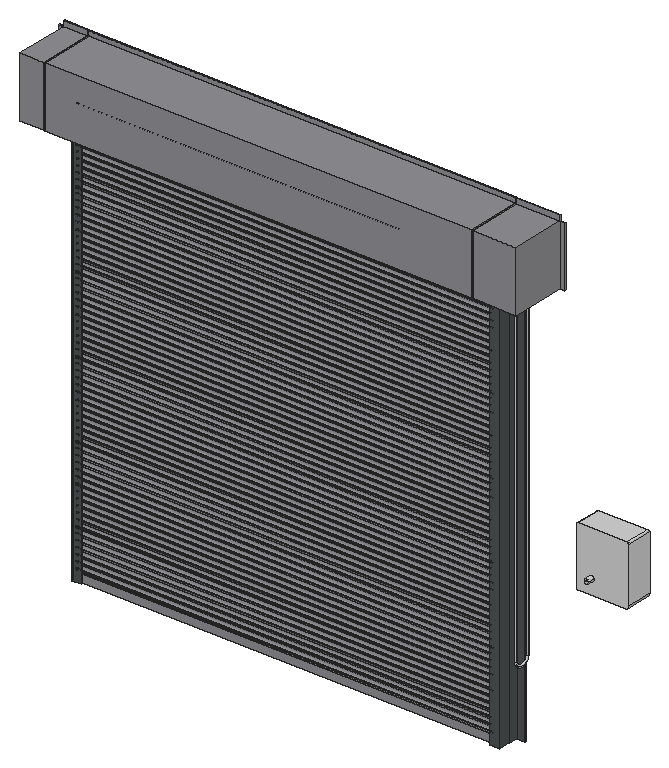
Revit family "RapidSlat-Rolling-Steel-Service-Doors_OHD_Model-611_compact", category Specialty Equipment, host Wall, Revit 2023
Family settings
  Host = Wall
  Round Connector Dimension = Use Diameter
  Part Type = Normal
  OmniClass Number = 23.30.10.21.34
  OmniClass Title = Industrial Doors
  Enable Cutting in Views = No
  Always vertical = Yes
  Cut with Voids When Loaded = Yes
  Maintain Annotation Orientation = No
  Shared = No
  Room Calculation Point = No
Parameters (values of type "208 volts, one phase, 60 Hz (208-240V range)")
  Warning Sign [instance] = if(Calculated Area > 683.00 SF, 1 = 1, 1 = 2)  # no
  Warning (Note) [instance] = if(Warning Sign, "The Door Area is out of the limit; please adjust accordingly. The maximum allowed area is 683 sq. ft.", if(Opening Height > 360", "Headroom Clearance Dimensions - out of the limits. Consult Factory", " "))  # " "
  Wall Thickness [instance] = 6"
  Voltage = 208 V
  Version = "1.00.01"  # constant formula
  True Opening Width [instance] = Clear Width  # 120"
  True Opening Height [instance] = Clear Height  # 120"
  Slat Type [instance] = if(Slat Option < 2, "C-187", if(Slat Option = 2, "C-275", "F-265"))  # "C-187"
  Slat Option [instance] = 1
  Slat Length [instance] = Clear Width + G Value * 2 - 1" / 2 * 2  # 126"
  Slat Height [instance] = if(Slat < 2, 11 9/32", if(Slat = 2, 13 3/4", 13 19/128"))  # 11 9/32"
  Slat [instance] = if(Slat Option < 2, 1, if(Slat Option = 2, 2, 3))  # 1
  Product Page URL = "https://www.overheaddoor.com/rolling-steel-service-doors-611"
  Power Factor = 1
  Powder Coat (Note) = "PowderGuard® Premium powder coat finish options are available in approximately 200 colors as well as custom matching to specification. PowderGuard® Textured finish, a thicker, more scratch resistant coat, is available in 11 colors providing enhanced scratch resistance as well as aiding in hiding the dirt and blemishes that often occur in commercial environments.​"  # constant formula
  Opening Width Real [instance] = if(Opening Width > Max Opening Width, Max Opening Width, if(Opening Width < Min Opening Width, Min Opening Width, Opening Width))  # 120"
  Opening Width [instance] = 120"
  Opening Height Real [instance] = if(Opening Height > Max Opening Height, Max Opening Height, if(Opening Height < Min Opening Height, Min Opening Height, Opening Height))  # 120"
  Opening Height [instance] = 120"
  One Array element [instance] = not(Array Vis)  # no
  Number of Poles = 1
  Motor Position [instance] = M Value - G Value  # 2 3/4"
  Min Opening Width [instance] = 18"  # constant formula
  Min Opening Height [instance] = 24"  # constant formula
  Max Opening Width [instance] = 360"  # constant formula
  Max Opening Height [instance] = 240"  # constant formula
  Material Finish (Note) [instance] = "Perforation availible for F-265, C-275 Slat profile. Fenestration 5/8\"x3\" availible for C-275, F-265 Slat profile. Fenestration 1\"x10\" availible for F-265 Slat profile."  # constant formula
  Material Finish [instance] = 611 : Standard - Gray
  M Value [instance] = if(or(Opening Width < 108", Opening Width = 108"), 5 3/4", if(or(Opening Width < 180", Opening Width = 180"), 6 1/4", if(or(Opening Width < 240", Opening Width = 240"), 7 1/4", 9 1/4")))  # 6 1/4"
  Installation Real [instance] = Wall Thickness  # 6"
  Hood Type [instance] = "Square Hood"  # constant formula
  Hood Offset [instance] = 4"  # constant formula
  Hood Material [instance] = Metal - Overhead Door - Gray
  Hood Height [instance] = A Value + 2"  # 18"
  Headroom Height Real [instance] = Hood Offset + Hood Height  # 22"
  Headroom Height [instance] = Headroom Height Real + 1 1/2"  # 23 1/2"
  HC 4 [instance] = if(or(Clear Height < 84", Clear Height = 84"), 16", if(or(Clear Height < 132", Clear Height = 132"), 18", if(or(Clear Height < 192", Clear Height = 192"), 20", 22")))  # 18"
  HC 3 [instance] = if(or(Clear Height < 108", Clear Height = 108"), 16", if(or(Clear Height < 168", Clear Height = 168"), 18", 20"))  # 18"
  HC 2 [instance] = if(or(Clear Height < 60", Clear Height = 60"), 14", if(or(Clear Height < 120", Clear Height = 120"), 16", if(or(Clear Height < 180", Clear Height = 180"), 18", 20")))  # 16"
  HC 1 [instance] = if(or(Clear Height < 96", Clear Height = 96"), 14", if(or(Clear Height < 168", Clear Height = 168"), 16", 18"))  # 16"
  Guide Type [instance] = "Angled Z Guide"  # constant formula
  Guid Depth [instance] = D Value  # 6 1/4"
  G Value [instance] = if(or(Opening Width < 108", Opening Width = 108"), 3", if(or(Opening Width < 180", Opening Width = 180"), 3 1/2", if(or(Opening Width < 240", Opening Width = 240"), 4", 5 9/16")))  # 3 1/2"
  Frequency = 60 Hz
  Face of Wall Offset [instance] = 5"  # constant formula
  Door Width True [instance] = Clear Width + M Value * 2  # 132 1/2"
  Door Width (Real) [instance] = Clear Width + 1"  # 121"
  Door Height True [instance] = Clear Width + Headroom Height  # 143 1/2"
  Door Height (Real) [instance] = Clear Height + Hood Offset  # 124"
  URL = "https://www.overheaddoor.com/"
  Product data url = "https://www.bimobject.com/overhead-door/product/rapidslat-rolling-steel-service-doors-611"
  Product Guid = "63723177-b6c9-4168-a314-69115e8add96"
  Model = "611"  # constant formula
  Manufacturer = "Overhead Door Corporation"  # constant formula
  Wall Closure = By host
  Floor To (CL) of Shaft [instance] = Clear Height + Hood Height / 2 + Hood Offset  # 133"
  Finish Material = Finish - Overhead Door - Black
  Description = "RapidSlat Model 611 Advanced Performance service door"  # constant formula
  Default Elevation = 0"
  Date Updated = "2026/05/29"  # constant formula
  D Value [instance] = if(or(Opening Width < 108", Opening Width = 108"), 5 11/16", if(or(Opening Width < 180", Opening Width = 180"), 6 1/4", if(or(Opening Width < 240", Opening Width = 240"), 6 3/16", 7 1/16")))  # 6 1/4"
  Clear Width [instance] = Opening Width Real  # 120"
  Clear Height [instance] = Opening Height Real  # 120"
  Current = 20 A
  BimObject_Variable_Connectors = "No"  # constant formula
  Backroom Depth [instance] = A Value + 1/2"  # 16 1/2"
  BJ Displacement Real [instance] = 0"  # constant formula
  Array Vis [instance] = if(Array < 2, 1 = 2, 1 = 1)  # yes
  Array Real [instance] = if(Array < 2, 2, Array)  # 11
  Array Length [instance] = (Array) * Slat Height  # 124 3/32"
  Array [instance] = rounddown(([Door Height (Real)] - 3") / Slat Height) + 1  # 11
  Calculated Area [instance] = [Door Width (Real)] * [Door Height (Real)]  # 104.194 SF
  Apparent Load Phase 3 = if(Number of Poles = 1, 0 VA, (Voltage * Current * sqrt(3)) / 3)  # 0 VA
  Apparent Load Phase 2 = if(Number of Poles = 1, 0 VA, (Voltage * Current * sqrt(3)) / 3)  # 0 VA
  Apparent Load Phase 1 = if(Number of Poles = 1, Voltage * Current, (Voltage * Current * sqrt(3)) / 3)  # 4160 VA
  A Value [instance] = if(Slat = 1, HC 1, if(Slat = 2, HC 2, HC 3))  # 16"
Reference planes (in)
  plane 1 "Center (Front/Back)": y = -14.625
  plane 2 "Center (Left/Right)": x = 0
  plane 3 "Left": x = -60
  plane 4 "Right": x = 60
  plane 5 "Exterior": y = -8.625
  plane 6 "Interior": y = -14.625
  plane 7: x = 66.25
  plane 8: x = -66.25
  plane 9: z = 120
  plane 10 "Main": y = -20.23437
  plane 11 "Backroom Depth": y = -32.125
  plane 12 "Main Door Block": y = -15.625
  plane 13 "Bottom Bar": z = 2.75
  plane 14: y = -20.875
  plane 15: z = 126.84375
  plane 16: z = 142
  plane 17: z = 124
  plane 18: z = 143.5
  plane 19: z = 0
  plane 20: z = 60
  plane 21: y = -20.0625
  plane 22: y = 18.375
  plane 23: y = -41.625
  plane 24 "Double Main": y = -19.656
  plane 25 "Headroom Top": z = 143.5
  plane 26: z = 133
  plane 27: x = 63.5
  plane 28: x = -63.5
  plane 29: z = 115.5625
Forms (in)
  Extrusion 1, void
    sketch origin (0, -15.625, 0) x (0, 0, -1) y (-1, 0, 0)
      loop
        line (-120, 60) -> (-120, -60) -> (0, -60) -> (0, 60) -> (-120, 60)
    from 1 to 7
Text (in)
  text "Exterior" at (-74.96733, 27.31104, 0), in view "Ref. Level"
  text "Interior" at (-74.96733, -25.14366, 0), in view "Ref. Level"
  text "Exterior" at (0, 40.15149, 123.01588), in view "Right"
  text "Interior" at (0, -64.39139, 123.01588), in view "Right"
  text "Interior" at (0, -31.01599, 123.00693), in view "Left"
  text "Exterior" at (0, 54.57065, 123.00693), in view "Left"
Dimensions and locks (in)
  equal spacing: plane 3 "Left", plane 2 "Center (Left/Right)", plane 4 "Right"
  "Clear Width": plane 3 "Left" to plane 4 "Right"
  level to host wall = 459.59655"
  "Clear Height": level to plane 9
  plane 7 to plane 8 = 132 1/2"
  equal spacing: plane 7, plane 2 "Center (Left/Right)", plane 8
  locked: plane 13 "Bottom Bar" to level at 2.75
  "Door Width True": plane 7 to plane 8
  locked: plane 14 to plane 10 "Main" at 0.64063
  "Array Length": plane 15 to plane 13 "Bottom Bar"
  "Backroom Depth": plane 11 "Backroom Depth" to plane 12 "Main Door Block"
  "Hood Height": plane 16 to plane 17
  locked: plane 18 to plane 16 at 1.5
  "Installation Real": plane 1 "Center (Front/Back)" to plane 5 "Exterior"
  "Wall Thickness": host wall to host wall
  equal spacing: plane 9, plane 20, plane 19
  locked: plane 10 "Main" to plane 21 at 0.17187
  equal spacing: plane 22, host wall, plane 23
  locked: plane 22 to plane 23 at 60
  locked: plane 10 "Main" to plane 24 "Double Main" at 0.57837
  "Hood Offset": plane 17 to plane 9
  "Headroom Height": plane 25 "Headroom Top" to plane 9
  "Floor To (CL) of Shaft": plane 26 to level
  "Motor Position": plane 7 to plane 27
  "Motor Position": plane 28 to plane 8
  "Guid Depth": plane 14 to plane 1 "Center (Front/Back)"
  "Slat Height": plane 15 to plane 29
  equal spacing: group 2, group 11, group 10, group 9, group 8, group 7, group 6, group 5, group 4, group 3, group 1
  equal spacing: group 1, group 3, group 4, group 5, group 6, group 7, group 8, group 9, group 10, group 11, group 2  (x2)
  aligned and locked: plane 5 "Exterior" to host wall
  aligned and locked: host wall to plane 6 "Interior"
  aligned and locked: level to Extrusion 1 sketch curve
  aligned and locked: Extrusion 1 to plane 5 "Exterior"
  aligned and locked: plane 6 "Interior" to Extrusion 1
  aligned and locked: nested 1 to plane 2 "Center (Left/Right)"
  aligned and locked: nested 1 to level
  aligned and locked: level to plane 19
  aligned and locked: nested 1 to plane 1 "Center (Front/Back)"
  aligned and locked: plane 2 "Center (Left/Right)" to nested 2
  aligned and locked: nested 2 to plane 22
  aligned and locked: plane 23 to nested 3
  aligned and locked: nested 3 to plane 2 "Center (Left/Right)"
  aligned and locked: nested 4 to plane 20
  aligned and locked: plane 2 "Center (Left/Right)" to nested 4
  aligned and locked: plane 13 "Bottom Bar" to nested 5
  aligned and locked: plane 29 to nested 7
  aligned and locked: nested 7 to plane 21
  aligned and locked: plane 21 to nested 5
  aligned and locked: plane 13 "Bottom Bar" to nested 6
  aligned and locked: plane 21 to nested 6
  aligned and locked: nested 4 to plane 21
  aligned and locked: plane 4 "Right" to Extrusion 1 sketch curve
  aligned and locked: plane 3 "Left" to Extrusion 1 sketch curve
  aligned and locked: Extrusion 1 sketch curve to plane 9
Nested families (in)
  nested 1: "Lifts" at (0, -14.625, 0), type "Frame Unit"
    with Square Hood yes, Round Hood no, Right Motor Position yes, Octagon Hood no, No Hood no
  nested 2: "Label Annotation 1" at (0, 18.375, 0), visible <- "Warning Sign", type "Label Annotation 1"
  nested 3: "Label Annotation 1" at (0, -41.625, 0) x (-1, 0, 0) z (0, 0, 1), visible <- "Warning Sign", type "Label Annotation 1"
  nested 4: "Warning Sign" at (0, -20.0625, 60), visible <- "Warning Sign", type "Warning Sign"
    with Warning Sign no
  nested 5: "611" at (0, -20.0625, 2.75), Slat Option <- "Slat Option", Opening Width <- "Slat Length", type <- "Material Finish", visible <- "Array Vis", type "Standard - Gray"
    with Void Offset 1", Void Height 1", Slat Width 0.53", Slat Position + Offset 12.174", Slat Position 11.28", Slat Option 1, Opening Width 126", Integrated Cutout no, F 265, FE 265 no, Cutout Width Offset 1", Cutout Vertical Offset 0.894", Cutout Horizontal Offset 1", C 275 no, C 187 Standard yes
  nested 6: "611" at (0, -20.0625, 2.75), visible <- "One Array element", Slat Option <- "Slat Option", Opening Width <- "Slat Length", type <- "Material Finish", type "Standard - Gray"
    with Void Offset 1", Void Height 1", Slat Width 0.53", Slat Position + Offset 12.174", Slat Position 11.28", Slat Option 1, Opening Width 126", Integrated Cutout no, F 265, FE 265 no, Cutout Width Offset 1", Cutout Vertical Offset 0.894", Cutout Horizontal Offset 1", C 275 no, C 187 Standard yes
  nested 7: "611" at (0, -20.0625, 115.5625), Slat Option <- "Slat Option", Opening Width <- "Slat Length", type <- "Material Finish", visible <- "Array Vis", type "Standard - Gray"
    with Void Offset 1", Void Height 1", Slat Width 0.53", Slat Position + Offset 12.174", Slat Position 11.28", Slat Option 1, Opening Width 126", Integrated Cutout no, F 265, FE 265 no, Cutout Width Offset 1", Cutout Vertical Offset 0.894", Cutout Horizontal Offset 1", C 275 no, C 187 Standard yes
  nested 8: "611" at (0, -20.0625, 14.03125), Slat Option <- "Slat Option", Opening Width <- "Slat Length", type <- "Material Finish", visible <- "Array Vis", type "Standard - Gray"
    with Void Offset 1", Void Height 1", Slat Width 0.53", Slat Position + Offset 12.174", Slat Position 11.28", Slat Option 1, Opening Width 126", Integrated Cutout no, F 265, FE 265 no, Cutout Width Offset 1", Cutout Vertical Offset 0.894", Cutout Horizontal Offset 1", C 275 no, C 187 Standard yes
  nested 9: "611" at (0, -20.0625, 25.3125), Slat Option <- "Slat Option", Opening Width <- "Slat Length", type <- "Material Finish", visible <- "Array Vis", type "Standard - Gray"
    with Void Offset 1", Void Height 1", Slat Width 0.53", Slat Position + Offset 12.174", Slat Position 11.28", Slat Option 1, Opening Width 126", Integrated Cutout no, F 265, FE 265 no, Cutout Width Offset 1", Cutout Vertical Offset 0.894", Cutout Horizontal Offset 1", C 275 no, C 187 Standard yes
  nested 10: "611" at (0, -20.0625, 36.59375), Slat Option <- "Slat Option", Opening Width <- "Slat Length", type <- "Material Finish", visible <- "Array Vis", type "Standard - Gray"
    with Void Offset 1", Void Height 1", Slat Width 0.53", Slat Position + Offset 12.174", Slat Position 11.28", Slat Option 1, Opening Width 126", Integrated Cutout no, F 265, FE 265 no, Cutout Width Offset 1", Cutout Vertical Offset 0.894", Cutout Horizontal Offset 1", C 275 no, C 187 Standard yes
  nested 11: "611" at (0, -20.0625, 47.875), Slat Option <- "Slat Option", Opening Width <- "Slat Length", type <- "Material Finish", visible <- "Array Vis", type "Standard - Gray"
    with Void Offset 1", Void Height 1", Slat Width 0.53", Slat Position + Offset 12.174", Slat Position 11.28", Slat Option 1, Opening Width 126", Integrated Cutout no, F 265, FE 265 no, Cutout Width Offset 1", Cutout Vertical Offset 0.894", Cutout Horizontal Offset 1", C 275 no, C 187 Standard yes
  nested 12: "611" at (0, -20.0625, 59.15625), Slat Option <- "Slat Option", Opening Width <- "Slat Length", type <- "Material Finish", visible <- "Array Vis", type "Standard - Gray"
    with Void Offset 1", Void Height 1", Slat Width 0.53", Slat Position + Offset 12.174", Slat Position 11.28", Slat Option 1, Opening Width 126", Integrated Cutout no, F 265, FE 265 no, Cutout Width Offset 1", Cutout Vertical Offset 0.894", Cutout Horizontal Offset 1", C 275 no, C 187 Standard yes
  nested 13: "611" at (0, -20.0625, 70.4375), Slat Option <- "Slat Option", Opening Width <- "Slat Length", type <- "Material Finish", visible <- "Array Vis", type "Standard - Gray"
    with Void Offset 1", Void Height 1", Slat Width 0.53", Slat Position + Offset 12.174", Slat Position 11.28", Slat Option 1, Opening Width 126", Integrated Cutout no, F 265, FE 265 no, Cutout Width Offset 1", Cutout Vertical Offset 0.894", Cutout Horizontal Offset 1", C 275 no, C 187 Standard yes
  nested 14: "611" at (0, -20.0625, 81.71875), Slat Option <- "Slat Option", Opening Width <- "Slat Length", type <- "Material Finish", visible <- "Array Vis", type "Standard - Gray"
    with Void Offset 1", Void Height 1", Slat Width 0.53", Slat Position + Offset 12.174", Slat Position 11.28", Slat Option 1, Opening Width 126", Integrated Cutout no, F 265, FE 265 no, Cutout Width Offset 1", Cutout Vertical Offset 0.894", Cutout Horizontal Offset 1", C 275 no, C 187 Standard yes
  nested 15: "611" at (0, -20.0625, 93), Slat Option <- "Slat Option", Opening Width <- "Slat Length", type <- "Material Finish", visible <- "Array Vis", type "Standard - Gray"
    with Void Offset 1", Void Height 1", Slat Width 0.53", Slat Position + Offset 12.174", Slat Position 11.28", Slat Option 1, Opening Width 126", Integrated Cutout no, F 265, FE 265 no, Cutout Width Offset 1", Cutout Vertical Offset 0.894", Cutout Horizontal Offset 1", C 275 no, C 187 Standard yes
  nested 16: "611" at (0, -20.0625, 104.28125), Slat Option <- "Slat Option", Opening Width <- "Slat Length", type <- "Material Finish", visible <- "Array Vis", type "Standard - Gray"
    with Void Offset 1", Void Height 1", Slat Width 0.53", Slat Position + Offset 12.174", Slat Position 11.28", Slat Option 1, Opening Width 126", Integrated Cutout no, F 265, FE 265 no, Cutout Width Offset 1", Cutout Vertical Offset 0.894", Cutout Horizontal Offset 1", C 275 no, C 187 Standard yes
Connectors (in)
  electrical at (94.92963, -22.165, 60.07037), driven by "Apparent Load Phase 1", driven by "Apparent Load Phase 2", driven by "Apparent Load Phase 3", driven by "Power Factor", driven by "Voltage", driven by "Number of Poles"
    settings: on nested 1, index 1, voltage 208 V, apparent load 0 VA, apparent load phase1 4160 VA, apparent load phase2 0 VA, apparent load phase3 0 VA, power factor 1, load classification "Other", number of poles 1, system type 31, power factor state 1, is connector primary yes, connector utility no, sub classification motor no, connector description "Electrical Connector"
Definition of nested family "Lifts"
  Parameters (values of type "Frame Unit")
    True Width = if(Between Jambs, Opening Width, Opening Width + 1/2")  # 120 1/2"
    Square Hood [instance] = if(Hood Option = 2, 1 = 1, 1 = 2)  # yes
    Slat Option = 1
    Round Hood [instance] = if(Hood Option > 3, 1 = 1, 1 = 2)  # no
    Rough Width = 0"
    Rough Height = 0"
    Right Motor Position [instance] = yes
    Octagon Hood [instance] = if(Hood Option = 3, 1 = 1, 1 = 2)  # no
    No Hood [instance] = if(Hood Option < 2, 1 = 1, 1 = 2)  # no
    M Value = 6 1/4"
    Hood Type = if(Hood Option < 2, "No Hood", if(Hood Option = 2, "Square Hood", if(Hood Option = 3, "Octagon Hood", "Round Hood")))  # "Square Hood"
    Hood Option = 2
    Hood Offset = 4"
    Hood Height = Headroom Height Real - Hood Offset  # 18"
    Headroom Height Real = Headroom Height  # 22"
    Half Octagon Side = 3.41726"
    Half Hood Height = Headroom Height - Hood Offset  # 18"
    G Value = 3 1/2"
    E Guide Width = if(Between Jambs, Guide Offset - G Value + BJ Connection Length - BJ Displacement * 2 / 3, 3")  # 3"
    E Guide Height = 3"  # constant formula
    Z Guide = 1 = 1  # yes
    Slat Material = none
    Shaft Offset = if(Hood Height < Header Width, (Header Width - (Header Width - Hood Height)) / 2, Header Width / 2)  # 8 1/4"
    Shaft Material = none
    Shaft Length 2 = 18"  # constant formula
    Shaft Length 1 = 12"  # constant formula
    Setback = if(Between Jambs, 0", 1/2")  # 1/2"
    Opening Width = 120"
    Hood Material = none
    Headroom Height = 22"
    Header Width = 16 1/2"
    Opening Height = 120"
    Guide Type = if(Between Jambs, "Angled Between Jambs Z Guide", if(Guide Option > 1, "Angled Z Guide", "Angled E Guide"))  # "Angled Z Guide"
    Guide Option = if(Between Jambs, 1, 2)  # 2
    Guide Offset = BJ Displacement + G Value  # 3 1/2"
    Guide Z Wide = if(Between Jambs, Guide Offset - G Value + BJ Connection Length - BJ Displacement * 2 / 3, M Value - G Value)  # 2 3/4"
    Guide Z Height = 3"  # constant formula
    Floor To (CL) of Shaft = 133"
    Finish Material = none
    Face to Wall Mount = not(Between Jambs)  # yes
    E Guide = if(Between Jambs, 1 = 1, 1 = 2)  # no
    Default Elevation = 0"
    D Value = 6 1/4"
    Chain offset = if(Opening Height < 35", Opening Height - 5", 30")  # 30"
    Between Jambs = no
    BJ Position = if(Between Jambs, 1/4", 0")  # 0"
    BJ Displacement = 0"
    BJ Connection Length = 1 / 3 * BJ Displacement  # 0"
    Angled Guide = 1 = 1  # yes
    1 = 15 1/2"
  Reference planes (in)
    plane 1 "Center (Front/Back)": y = 0
    plane 2: z = 0
    plane 3 "Center (Left/Right)": x = 0
    plane 4 "Opening Height": z = 120
    plane 5: x = -72
    plane 6: x = 78
    plane 7: z = 142
    plane 8: y = 16.5
    plane 9 "Real Opening 2": x = -60
    plane 10 "Real Opening 1": x = 60
    plane 11: z = 124
    plane 12 "Main": y = 0
    plane 13: z = 133
    plane 14: x = 63.5
    plane 15: x = -63.5
    plane 16: x = -63.5
    plane 17: x = 63.5
    plane 18: y = 6.25
    plane 19: x = -63.25
    plane 20: x = 63.25
    plane 21: z = 143.5
    plane 22: y = 6.25
    plane 23: y = 5.125
    plane 24: y = 6.25
    plane 25: y = 5.125
    plane 26: y = 0.25
    plane 27: z = 124
    plane 28: z = 30
    plane 29: z = 0
    plane 30: x = 74
    plane 31: x = 95
    plane 32: z = 60
    plane 33: y = 7.54
    plane 34: x = 76.25
    plane 35: x = -70.25
  Forms (in)
    Extrusion 1, solid, material <- "Slat Material"
      sketch origin (0, 0, 0) x (0, 1, 0) y (0, 0, 1)
        loop
          line (5.4375, 2.375) -> (5.4375, 2.75) -> (4.8125, 2.75) -> (4.8125, 2.375) -> (5.4375, 2.375)
      from -63.25 to 63.25
    Extrusion 2, solid, material <- "Slat Material"
      sketch origin (0, 0, 0) x (0, 1, 0) y (0, 0, 1)
        loop
          line (5.4375, 2.375) -> (4.8125, 2.375) -> (4.8125, 0) -> (5.4375, 0) -> (5.4375, 2.375)
      from -63.25 to 63.25
    Extrusion 3, solid, material <- "Shaft Material"
      sketch origin (0, -5.35201, 0) x (0, 1, 0) y (0, 0, 1)
        loop
          circle (13.60201, 133) r 0.6
      from -70.25 to 76.25
    Extrusion 4, solid, material <- "Hood Material", visible <- "Square Hood"
      sketch origin (0, 0, 0) x (0, 1, 0) y (0, 0, 1)
        loop
          line (0, 124) -> (16.5, 124) -> (16.5, 143.5) -> (0, 143.5) -> (0, 124)
      from -63.25 to 63.25
    Extrusion 5, solid, material <- "Finish Material", visible <- "E Guide"
      sketch origin (0, 0, 0) x (1, 0, 0) y (0, 1, 0)
        loop
          line (60.5, 0) -> (63.5, 0) -> (63.5, 3) -> (63.4375, 3)
          arc (63.4375, 3) -> (63.30492, 2.94508) -> (63.25, 2.8125) r 0.1875
          line (63.25, 2.8125) -> (63.25, 0.25) -> (60.6875, 0.25)
          arc (60.6875, 0.25) -> (60.55492, 0.19508) -> (60.5, 0.0625) r 0.1875
          line (60.5, 0.0625) -> (60.5, 0)
        loop
          line (-60.5, 0) -> (-60.5, 0.0625)
          arc (-60.5, 0.0625) -> (-60.55492, 0.19508) -> (-60.6875, 0.25) r 0.1875
          line (-60.6875, 0.25) -> (-63.25, 0.25) -> (-63.25, 2.8125)
          arc (-63.25, 2.8125) -> (-63.30492, 2.94508) -> (-63.4375, 3) r 0.1875
          line (-63.4375, 3) -> (-63.5, 3) -> (-63.5, 0) -> (-60.5, 0)
      from 0 to 124
    Extrusion 6, solid, material <- "Finish Material", visible <- "Z Guide"
      sketch origin (0, 0, 0) x (1, 0, 0) y (0, 1, 0)
        loop
          line (66.25, 0) -> (66.25, 0.062)
          arc (66.25, 0.062) -> (66.19494, 0.19494) -> (66.062, 0.25) r 0.188
          line (66.062, 0.25) -> (63.75, 0.25) -> (63.75, 2.812)
          arc (63.75, 2.812) -> (63.69494, 2.94494) -> (63.562, 3) r 0.188
          line (63.562, 3) -> (63.5, 3) -> (63.5, 0) -> (66.25, 0)
        loop
          line (-66.25, 0) -> (-63.5, 0) -> (-63.5, 3) -> (-63.562, 3)
          arc (-63.562, 3) -> (-63.69494, 2.94494) -> (-63.75, 2.812) r 0.188
          line (-63.75, 2.812) -> (-63.75, 0.25) -> (-66.062, 0.25)
          arc (-66.062, 0.25) -> (-66.19494, 0.19494) -> (-66.25, 0.062) r 0.188
          line (-66.25, 0.062) -> (-66.25, 0)
      from 0 to 124
    Extrusion 7, solid, material <- "Finish Material", visible <- "Angled Guide"
      sketch origin (0, 0, 0) x (1, 0, 0) y (0, 1, 0)
        loop
          line (60.5, 6.25) -> (60.5, 6.187)
          arc (60.5, 6.187) -> (60.55477, 6.05477) -> (60.687, 6) r 0.187
          line (60.687, 6) -> (63.25, 6) -> (63.25, 4.25) -> (60.5, 4.25) -> (60.5, 4.187)
          arc (60.5, 4.187) -> (60.55477, 4.05477) -> (60.687, 4) r 0.187
          line (60.687, 4) -> (63, 4) -> (63, 2.3125) -> (63.25, 2.3125) -> (63.25, 2) -> (63.5, 2) -> (63.5, 6.25) -> (60.5, 6.25)
        loop
          line (-60.5, 6.25) -> (-63.5, 6.25) -> (-63.5, 2) -> (-63.25, 2) -> (-63.25, 2.3125) -> (-63, 2.3125) -> (-63, 4) -> (-60.687, 4)
          arc (-60.687, 4) -> (-60.55477, 4.05477) -> (-60.5, 4.187) r 0.187
          line (-60.5, 4.187) -> (-60.5, 4.25) -> (-63.25, 4.25) -> (-63.25, 6) -> (-60.687, 6)
          arc (-60.687, 6) -> (-60.55477, 6.05477) -> (-60.5, 6.187) r 0.187
          line (-60.5, 6.187) -> (-60.5, 6.25)
      from 0 to 124
    Extrusion 8, solid, material <- "Hood Material"
      sketch origin (0, 0, 0) x (-1, 0, 0) y (0, 0, 1)
        loop
          line (63.25, 124) -> (63.5, 124) -> (63.5, 142) -> (63.25, 142) -> (63.25, 124)
        loop
          line (-63.5, 124) -> (-63.25, 124) -> (-63.25, 142) -> (-63.5, 142) -> (-63.5, 124)
      from 0 to 16.5
    Extrusion 9, solid, material <- "Hood Material"
      sketch origin (0, 0, 0) x (1, 0, 0) y (0, 1, 0)
        loop
          line (-72, 0) -> (-63.5, 0) -> (-63.5, 16.5) -> (-72, 16.5) -> (-72, 0)
        loop
          line (78, 0) -> (78, 16.5) -> (63.5, 16.5) -> (63.5, 0) -> (78, 0)
      from 124 to 143.5
    Extrusion 10, void
      sketch origin (0, 0, 0) x (1, 0, 0) y (0, 0, 1)
        loop
          line (-72, 143.5) -> (-72, 124) -> (-70.5, 124) -> (-70.5, 142) -> (76.5, 142) -> (76.5, 120) -> (78, 120) -> (78, 143.5) -> (-72, 143.5)
      from -0.25 to -16.5
    Extrusion 11, void
      sketch origin (0, 0, 0) x (1, 0, 0) y (0, 0, 1)
        loop
          line (-72, 142) -> (-70.5, 142) -> (-70.5, 143.5) -> (-72, 143.5) -> (-72, 142)
        loop
          line (78, 142) -> (78, 143.5) -> (76.5, 143.5) -> (76.5, 142) -> (78, 142)
      from 0 to -0.25
    Sweep 12, solid
      path origin (74, -12.75, 1000) x (0, -1, 0) y (0, 0, 1)
        loop
          line (-26.53866, -876) -> (-26.53866, -970)
          arc (-26.53866, -970) -> (-24.10116, -972.4375) -> (-21.66366, -970) r 2.4375
          line (-21.66366, -970) -> (-21.66366, -876)
      profile origin (74, 13.78866, 77) x (-1, 0, 0) y (0, -1, 0)
        loop
          circle (0, 0.2675) r 0.2675
    Extrusion 13, solid
      sketch origin (95, 0, 60) x (1, 0, 0) y (0, 0, 1)
        loop
          line (7.25, 8.90625) -> (-7.25, 8.90625)
          arc (-7.25, 8.90625) -> (-7.60355, 8.7598) -> (-7.75, 8.40625) r 0.5
          line (-7.75, 8.40625) -> (-7.75, -8.40625)
          arc (-7.75, -8.40625) -> (-7.60355, -8.7598) -> (-7.25, -8.90625) r 0.5
          line (-7.25, -8.90625) -> (6.68702, -8.90625)
          arc (6.68702, -8.90625) -> (7.43866, -8.59491) -> (7.75, -7.84327) r 1.06298
          line (7.75, -7.84327) -> (7.75, 8.40625)
          arc (7.75, 8.40625) -> (7.60355, 8.7598) -> (7.25, 8.90625) r 0.5
      from 0 to -7.54
    Revolve 14, solid, visible <- "Right Motor Position"
      sketch origin (95, 0, 55.5) x (0, -1, 0) y (1, 0, 0)
        loop
          line (-7.54, -3.41542) -> (-7.54, -2.66542) -> (-9.312, -2.81542) -> (-9.312, -3.41542) -> (-7.54, -3.41542)
        axis (-7.54, -3.41542) -> (-9.312, -3.41542)
      angle from 0 to 360
  Cuts and joins
    Extrusion 10, Extrusion 11 cuts Extrusion 9
    Extrusion 10 cuts Extrusion 4
  Lines and regions (in)
    Masking region 1
      outline origin (0, 0, 0) x (1, 0, 0) y (0, 1, 0)
        loop
          line (-63.5, 16.5) -> (-63.5, 0) -> (63.5, 0) -> (63.5, 16.5) -> (-63.5, 16.5)
    Masking region 2
      outline origin (0, 0, 0) x (1, 0, 0) y (0, 1, 0)
        loop
          line (63.5, 0) -> (78, 0) -> (78, 0.25) -> (76.5, 0.25) -> (76.5, 16.5) -> (63.5, 16.5) -> (63.5, 0)
        loop
          line (-63.5, 0) -> (-63.5, 16.5) -> (-70.5, 16.5) -> (-70.5, 0.25) -> (-72, 0.25) -> (-72, 0) -> (-63.5, 0)
    Masking region 3
      outline origin (0, 0, 0) x (1, 0, 0) y (0, 1, 0)
        loop
          line (87.25, 7.54) -> (87.25, 0) -> (102.75, 0) -> (102.75, 7.54) -> (87.25, 7.54)
    Masking region 4
      outline origin (91.64, 2.54, 60) x (0, -1, 0) y (1, 0, 0)
        loop
          line (-6.772, 0.54458) -> (-6.772, -0.65542) -> (-5, -0.80542) -> (-5, 0.69458) -> (-6.772, 0.54458)
    symbolic lines
      curve 1: line (-63.25, 0, 0) -> (-63.25, 16.5, 0)
      curve 2: line (63.25, 16.5, 0) -> (63.25, 0, 0)
      curve 4: line (-72, 0.25, 0) -> (78, 0.25, 0)
    symbolic lines, visible <- "Octagon Hood"
      curve 3: line (-63.25, 12.69239, 0) -> (63.25, 12.69239, 0)
    reference lines
      curve 5: line (95, 0, 60) -> (104, 0, 60)
      curve 6: line (95, 0, 55.5) -> (100.75, 0, 55.5)
  Dimensions and locks (in)
    Extrusion 1 sketch curve to level = 2 3/8"
    locked: Extrusion 1 sketch curve to Extrusion 1 sketch curve at 0.625
    locked: Extrusion 2 sketch curve to level at 2.375
    "Headroom Height Real": plane 7 to plane 4 "Opening Height"
    plane 8 to plane 1 "Center (Front/Back)" = 16 1/2"
    "Opening Height": plane 4 "Opening Height" to level
    "Hood Offset": plane 11 to plane 4 "Opening Height"
    "BJ Position": plane 12 "Main" to plane 1 "Center (Front/Back)"
    "Header Width": plane 12 "Main" to plane 8
    "Floor To (CL) of Shaft": plane 13 to level
    "Shaft Offset": Extrusion 3 sketch curve to plane 8
    locked: Extrusion 2 sketch curve to Extrusion 2 sketch curve at 0.625
    "Guide Offset": plane 10 "Real Opening 1" to plane 14
    "Guide Offset": plane 15 to plane 9 "Real Opening 2"
    locked: Extrusion 5 sketch curve to Extrusion 5 sketch curve at 0.25  (x4)
    "E Guide Height": Extrusion 5 sketch curve to Extrusion 5 sketch curve  (x2)
    "E Guide Width": Extrusion 5 sketch curve to Extrusion 5 sketch curve  (x2)
    locked: Extrusion 6 sketch curve to Extrusion 6 sketch curve at 0.25  (x4)
    "Guide Z Wide": Extrusion 6 sketch curve to Extrusion 6 sketch curve  (x2)
    "Guide Z Height": Extrusion 6 sketch curve to Extrusion 6 sketch curve  (x2)
    locked: Extrusion 7 sketch curve to Extrusion 7 sketch curve at 0.25  (x8)
    locked: Extrusion 7 sketch curve to Extrusion 7 sketch curve at 2.25  (x2)
    locked: Extrusion 7 sketch curve to Extrusion 7 sketch curve at 4.25  (x2)
    locked: Extrusion 7 sketch curve to Extrusion 7 sketch curve at 0.3125  (x2)
    "Setback": plane 10 "Real Opening 1" to Extrusion 7 sketch curve
    "Setback": Extrusion 7 sketch curve to plane 9 "Real Opening 2"
    equal spacing: plane 15, plane 3 "Center (Left/Right)", plane 14
    "G Value": Extrusion 6 sketch curve to plane 9 "Real Opening 2"
    "G Value": plane 10 "Real Opening 1" to Extrusion 6 sketch curve
    "G Value": plane 10 "Real Opening 1" to plane 17
    "G Value": plane 16 to plane 9 "Real Opening 2"
    "Shaft Length 1": plane 5 to plane 9 "Real Opening 2"
    "Shaft Length 2": plane 6 to plane 10 "Real Opening 1"
    locked: Extrusion 2 to plane 17 at 0.25
    locked: Extrusion 2 to plane 16 at 0.25
    locked: plane 16 to plane 19 at 0.25
    locked: plane 20 to plane 17 at 0.25
    equal spacing: plane 9 "Real Opening 2", plane 3 "Center (Left/Right)", plane 10 "Real Opening 1"
    "Opening Width": plane 9 "Real Opening 2" to plane 10 "Real Opening 1"
    locked: plane 21 to plane 7 at 1.5
    "D Value": plane 1 "Center (Front/Back)" to plane 18
    "D Value": plane 22 to plane 1 "Center (Front/Back)"
    locked: plane 22 to plane 23 at 1.125
    equal spacing: Extrusion 1 sketch curve, plane 23, Extrusion 1 sketch curve
    "D Value": plane 24 to plane 1 "Center (Front/Back)"
    locked: plane 24 to plane 25 at 1.125
    equal spacing: Extrusion 2 sketch curve, plane 25, Extrusion 2 sketch curve
    "G Value": plane 10 "Real Opening 1" to Extrusion 7 sketch curve
    "G Value": Extrusion 7 sketch curve to plane 9 "Real Opening 2"
    locked: Extrusion 10 sketch curve to Extrusion 10 sketch curve at 1.5  (x2)
    locked: plane 26 to plane 12 "Main" at 0.25
    locked: Extrusion 11 sketch curve to Extrusion 11 sketch curve at 1.5  (x2)
    "Chain offset": plane 28 to plane 29
    locked: plane 30 to plane 6 at 4
    locked: plane 20 to plane 31 at 31.75
    locked: plane 32 to level at 60
    locked: curve 5 to curve 5 at 9
    equal spacing: Masking region 3 sketch curve, plane 31, Masking region 3 sketch curve
    locked: Revolve 14 sketch curve to Revolve 14 sketch curve at 0.6
    locked: Revolve 14 sketch curve to Revolve 14 sketch curve at 0.75
    locked: plane 33 to Revolve 14 sketch curve at 1.772
    locked: Masking region 3 sketch curve to Masking region 3 sketch curve at 7.54
    locked: curve 5 to curve 6 at 4.5
    locked: curve 6 to curve 6 at 5.75
    locked: Masking region 3 sketch curve to plane 31 at 7.75
    locked: plane 34 to plane 6 at 1.75
    locked: plane 5 to plane 35 at 1.75
    radius of Extrusion 5 sketch curve = 3/16"  (x4)
    radius of Extrusion 6 sketch curve = 0.188"  (x4)
    locked: Extrusion 7 sketch curve to Extrusion 7 sketch curve (radius 0.187")  (x4)
    aligned and locked: plane 2 to level
    aligned and locked: Extrusion 4 sketch curve to plane 8
    aligned and locked: plane 13 to Extrusion 3 sketch curve
    aligned and locked: plane 12 "Main" to Extrusion 5 sketch curve  (x2)
    aligned and locked: Extrusion 5 sketch curve to plane 14
    aligned and locked: plane 15 to Extrusion 5 sketch curve
    aligned and locked: Extrusion 6 sketch curve to plane 1 "Center (Front/Back)"  (x2)
    aligned and locked: Extrusion 7 sketch curve to Extrusion 7 sketch curve  (x4)
    aligned and locked: plane 18 to Extrusion 7 sketch curve
    aligned and locked: Extrusion 7 sketch curve to plane 18
    aligned and locked: plane 12 "Main" to Extrusion 4 sketch curve
    aligned and locked: Extrusion 8 sketch curve to plane 11  (x2)
    aligned and locked: Extrusion 8 sketch curve to plane 7  (x2)
    aligned and locked: plane 16 to Extrusion 8 sketch curve
    aligned and locked: Extrusion 8 sketch curve to plane 17
    aligned and locked: Masking region 1 sketch curve to Extrusion 4
    aligned and locked: Masking region 1 to curve 2  (x2)
    aligned and locked: Masking region 1 to curve 1  (x2)
    aligned and locked: Extrusion 2 to Extrusion 1
    aligned and locked: Extrusion 1 to Extrusion 2
    aligned and locked: Masking region 1 to plane 16
    aligned and locked: Masking region 1 to plane 17
    aligned and locked: plane 19 to Extrusion 8 sketch curve
    aligned and locked: plane 20 to Extrusion 8 sketch curve
    aligned and locked: plane 19 to Extrusion 4
    aligned and locked: Extrusion 4 to plane 20
    aligned and locked: plane 8 to Extrusion 8
    aligned and locked: plane 19 to curve 3
    aligned and locked: plane 20 to curve 3
    aligned and locked: Extrusion 4 sketch curve to plane 11
    aligned and locked: Extrusion 6 to plane 11
    aligned and locked: plane 11 to Extrusion 5
    aligned and locked: plane 11 to Extrusion 7
    aligned and locked: Extrusion 9 sketch curve to plane 5
    aligned and locked: plane 16 to Extrusion 9 sketch curve
    aligned and locked: plane 1 "Center (Front/Back)" to Extrusion 9 sketch curve
    aligned and locked: Extrusion 9 sketch curve to plane 8  (x2)
    aligned and locked: Extrusion 9 sketch curve to plane 6
    aligned and locked: Extrusion 9 sketch curve to plane 14
    aligned and locked: Extrusion 9 sketch curve to plane 1 "Center (Front/Back)"
    aligned and locked: Extrusion 9 to plane 11
    aligned and locked: Extrusion 9 to plane 21
    aligned and locked: Extrusion 10 sketch curve to plane 21
    aligned and locked: Extrusion 10 sketch curve to plane 7
    aligned and locked: Extrusion 10 sketch curve to plane 5
    aligned and locked: Extrusion 10 sketch curve to plane 6
    aligned and locked: Extrusion 10 sketch curve to plane 11
    aligned and locked: Extrusion 10 sketch curve to plane 4 "Opening Height"
    aligned and locked: Extrusion 10 to plane 8
    aligned and locked: Extrusion 10 to plane 26
    aligned and locked: Extrusion 4 sketch curve to plane 21
    aligned and locked: Extrusion 11 sketch curve to plane 5
    aligned and locked: Extrusion 11 sketch curve to plane 6
    aligned and locked: Extrusion 11 sketch curve to plane 7
    aligned and locked: Extrusion 11 sketch curve to plane 21
    aligned and locked: plane 21 to Extrusion 11 sketch curve
    aligned and locked: plane 7 to Extrusion 11 sketch curve
    aligned and locked: plane 26 to Extrusion 11
    aligned and locked: Extrusion 11 to plane 1 "Center (Front/Back)"
    aligned and locked: Masking region 2 sketch curve to plane 14
    aligned and locked: Masking region 2 sketch curve to cut or joined group of Extrusion 9, Extrusion 10, Extrusion 11  (x5)
    aligned and locked: cut or joined group of Extrusion 9, Extrusion 10, Extrusion 11 to Masking region 2 sketch curve
    aligned and locked: Masking region 2 sketch curve to plane 6
    aligned and locked: plane 16 to Masking region 2 sketch curve
    aligned and locked: Masking region 2 sketch curve to plane 26
    aligned and locked: Masking region 2 sketch curve to plane 5
    aligned and locked: plane 1 "Center (Front/Back)" to Masking region 2 sketch curve
    aligned and locked: curve 4 to plane 26
    aligned and locked: plane 6 to curve 4
    aligned and locked: plane 5 to curve 4
    aligned and locked: plane 27 to Sweep 12 sketch curve  (x2)
    aligned and locked: plane 28 to Sweep 12 sketch curve  (x2)
    aligned and locked: plane 11 to plane 27
    aligned and locked: level to plane 29
    aligned and locked: plane 31 to curve 5
    aligned and locked: curve 5 to plane 32
    aligned and locked: Revolve 14 sketch curve to Revolve 14 sketch curve
    aligned and locked: Revolve 14 sketch curve to plane 33
    aligned and locked: Masking region 4 sketch curve to Revolve 14  (x2)
    aligned and locked: Masking region 3 sketch curve to plane 1 "Center (Front/Back)"
    aligned and locked: plane 31 to curve 6
    aligned and locked: plane 34 to Extrusion 3
    aligned and locked: plane 35 to Extrusion 3
  Automatic sketch dimensions
    curve 3 to curve 2 = 3.80761"
    Masking region 1 sketch curve to plane 1 "Center (Front/Back)" = 0"
    Masking region 1 sketch curve to plane 15 = 0"
    Masking region 1 sketch curve to plane 14 = 0"
    Sweep 12 sketch curve to plane 8 = 2.71134"
    Sweep 12 sketch curve to Sweep 12 sketch curve = 2 7/16"
    Sweep 12 sketch curve to profile plane = 0"
    Sweep 12 sketch curve to profile plane = 0.2675"
    Masking region 4 sketch curve to curve 5 = 4.16542"
    Masking region 4 sketch curve to curve 5 = 4.01542"
    Masking region 4 sketch curve to curve 5 = 2.81542"
    Masking region 4 sketch curve to curve 5 = 2.66542"
    Extrusion 13 sketch curve to curve 5 = 7 3/4"
    Extrusion 13 sketch curve to Extrusion 13 sketch curve = 1/2"  (x3)
    Extrusion 13 sketch curve to curve 5 = 1 3/4"
    Extrusion 13 sketch curve to curve 5 = 8 29/32"
    curve 5 to Extrusion 13 sketch curve = 8 13/32"
    Extrusion 13 sketch curve to Extrusion 13 sketch curve = 1.06298"
    Revolve 14 sketch curve to curve 6 = 3.41542"
    Revolve 14 sketch curve to curve 6 = 18.88505"
    Revolve 14 sketch curve to curve 6 = 3.07036"
    Extrusion 1 sketch curve to Extrusion 1 sketch curve = 3/8"
    Extrusion 2 sketch curve to level = 0"
    radius of Extrusion 3 sketch curve = 0.6"
    radius of Sweep 12 sketch curve = 0.2675"
Definition of nested family "611"
  Parameters (values of type "Perforated - Gray")
    Void Offset [instance] = if(Integrated Cutout, 0", 1")  # 1"
    Void Height [instance] = if(and(C 275, Perforation), 1.155", if(and([F 265, FE 265], Perforation), 2.3", 1"))  # 1"
    Standard = no
    Slat Width [instance] = if(Slat Option < 2, 0.53", if(Slat Option = 2, 0.88", 0.63"))  # 0.53"
    Slat Position + Offset [instance] = Slat Position + Cutout Vertical Offset  # 12.174"
    Slat Position [instance] = if(Slat Option < 2, 1.88" * 6, if(Slat Option = 2, 2 3/4" * 5, 2.63" * 5))  # 11.28"
    Slat Option [instance] = 1
    Rough Height = 0"
    Perforation = yes
    Fenestration Small = no
    Fenestration Large = no
    Cutout Width Offset [instance] = 1"  # constant formula
    Cutout Material 2 = none
    Cutout Horizontal Offset [instance] = if(Slat Option = 2, 0.847", 1")  # 1"
    Cutout Material = none
    Panel Material = none
    Opening Width [instance] = 123 5/8"
    Cutout Vertical Offset [instance] = if(Slat Option = 2, 1.59", 0.894")  # 0.894"
    F 265, FE 265 [instance] = if(Slat Option > 2, 1 = 1, 1 = 2)  # no
    Default Elevation = 48"
    Integrated Cutout [instance] = if(and(or(Perforation, Fenestration Small), Slat Option > 1), 1 = 1, if(and(Fenestration Large, Slat Option > 2), 1 = 1, 1 = 2))  # no
    C 275 [instance] = if(Slat Option = 2, 1 = 1, 1 = 2)  # no
    C 187 Standard [instance] = if(Slat Option < 2, 1 = 1, 1 = 2)  # yes
    Analytic Construction = "<None>"
  Types (10): name | Standard | Perforation | Fenestration Small | Fenestration Large
    Standard - White | yes | no | no | no
    Standard - Tan | yes | no | no | no
    Standard - Gray | yes | no | no | no
    Perforated - Gray | no | yes | no | no
    Fenestration 1”x10” - Gray | no | no | no | yes
    Fenestration 1”x10” - Tan | no | no | no | yes
    Fenestration 1”x10” - White | no | no | no | yes
    Fenestration 0.625”x3” - Gray | no | no | yes | no
    Fenestration 0.625”x3” - Tan | no | no | yes | no
    Fenestration 0.625”x3” - White | no | no | yes | no
  Reference planes (in)
    plane 1 "Center (Front/Back)": y = 0
    plane 2: z = 0
    plane 3 "Center (Left/Right)": x = 0
    plane 4: x = -61.8125
    plane 5: x = 61.8125
    plane 6: y = 0.53
    plane 7: y = 0
    plane 8: y = 0.265
    plane 9: y = 0.5
    plane 10: x = -60.8125
    plane 11: x = 60.8125
  Forms (in)
    Extrusion 1, solid, material <- "Panel Material", visible <- "C 187 Standard"
      sketch origin (0, -4.98186, 11.30942) x (0, 1, 0) y (0, 0, 1)
        loop
          arc (5.13374, -0.19852) -> (5.22413, 0.04375) -> (4.98186, -0.04664) r 0.14213
          arc (4.98186, -0.04664) -> (5.00563, -0.16042) -> (5.08572, -0.24466) r 0.21243
          arc (5.08572, -0.24466) -> (5.4383, -0.89756) -> (5.02595, -1.51447) r 0.71901
          arc (5.02595, -1.51447) -> (4.97908, -1.58828) -> (5.02595, -1.6621) r 0.08156
          arc (5.02595, -1.6621) -> (5.11263, -1.7164) -> (5.18387, -1.78979) r 0.42621
          arc (5.18387, -1.78979) -> (4.98591, -1.90085) -> (5.06579, -2.11331) r 0.17419
          arc (5.06579, -2.11331) -> (5.43875, -2.76611) -> (5.02595, -3.39447) r 0.71901
          arc (5.02595, -3.39447) -> (4.97908, -3.46828) -> (5.02595, -3.5421) r 0.08156
          arc (5.02595, -3.5421) -> (5.11263, -3.5964) -> (5.18387, -3.66979) r 0.42621
          arc (5.18387, -3.66979) -> (4.98591, -3.78085) -> (5.06579, -3.99331) r 0.17419
          arc (5.06579, -3.99331) -> (5.43875, -4.64611) -> (5.02595, -5.27447) r 0.71901
          arc (5.02595, -5.27447) -> (4.97908, -5.34828) -> (5.02595, -5.4221) r 0.08156
          arc (5.02595, -5.4221) -> (5.11263, -5.4764) -> (5.18387, -5.54979) r 0.42621
          arc (5.18387, -5.54979) -> (4.98591, -5.66085) -> (5.06579, -5.87331) r 0.17419
          arc (5.06579, -5.87331) -> (5.43875, -6.52611) -> (5.02595, -7.15447) r 0.71901
          arc (5.02595, -7.15447) -> (4.97908, -7.22828) -> (5.02595, -7.3021) r 0.08156
          arc (5.02595, -7.3021) -> (5.11263, -7.3564) -> (5.18387, -7.42979) r 0.42621
          arc (5.18387, -7.42979) -> (4.98591, -7.54085) -> (5.06579, -7.75331) r 0.17419
          arc (5.06579, -7.75331) -> (5.43875, -8.40611) -> (5.02595, -9.03447) r 0.71901
          arc (5.02595, -9.03447) -> (4.97908, -9.10828) -> (5.02595, -9.1821) r 0.08156
          arc (5.02595, -9.1821) -> (5.11263, -9.2364) -> (5.18387, -9.30979) r 0.42621
          arc (5.18387, -9.30979) -> (4.98591, -9.42085) -> (5.06579, -9.63331) r 0.17419
          arc (5.06579, -9.63331) -> (5.43875, -10.28611) -> (5.02595, -10.91447) r 0.71901
          arc (5.02595, -10.91447) -> (4.97908, -10.98828) -> (5.02595, -11.0621) r 0.08156
          arc (5.02595, -11.0621) -> (5.11263, -11.1164) -> (5.18387, -11.18979) r 0.42621
          arc (5.18387, -11.18979) -> (4.98464, -11.27401) -> (5.11521, -11.44645) r 0.13704
          arc (5.11521, -11.44645) -> (5.2675, -11.35269) -> (5.24767, -11.17496) r 0.167
          arc (5.24767, -11.17496) -> (5.15003, -11.06824) -> (5.03941, -10.97505) r 1.11641
          arc (5.03941, -10.97505) -> (5.51106, -10.31587) -> (5.13374, -9.59852) r 0.77203
          arc (5.13374, -9.59852) -> (5.27713, -9.47917) -> (5.24767, -9.29496) r 0.18851
          arc (5.24767, -9.29496) -> (5.15003, -9.18824) -> (5.03941, -9.09505) r 1.11641
          arc (5.03941, -9.09505) -> (5.51106, -8.43587) -> (5.13374, -7.71852) r 0.77203
          arc (5.13374, -7.71852) -> (5.27713, -7.59917) -> (5.24767, -7.41496) r 0.18851
          arc (5.24767, -7.41496) -> (5.15003, -7.30824) -> (5.03941, -7.21505) r 1.11641
          arc (5.03941, -7.21505) -> (5.51106, -6.55587) -> (5.13374, -5.83852) r 0.77203
          arc (5.13374, -5.83852) -> (5.27713, -5.71917) -> (5.24767, -5.53496) r 0.18851
          arc (5.24767, -5.53496) -> (5.15003, -5.42824) -> (5.03941, -5.33505) r 1.11641
          arc (5.03941, -5.33505) -> (5.51106, -4.67587) -> (5.13374, -3.95852) r 0.77203
          arc (5.13374, -3.95852) -> (5.27713, -3.83917) -> (5.24767, -3.65496) r 0.18851
          arc (5.24767, -3.65496) -> (5.15003, -3.54824) -> (5.03941, -3.45505) r 1.11641
          arc (5.03941, -3.45505) -> (5.51106, -2.79587) -> (5.13374, -2.07852) r 0.77203
          arc (5.13374, -2.07852) -> (5.27713, -1.95917) -> (5.24767, -1.77496) r 0.18851
          arc (5.24767, -1.77496) -> (5.15003, -1.66824) -> (5.03941, -1.57505) r 1.11641
          arc (5.03941, -1.57505) -> (5.51106, -0.91587) -> (5.13374, -0.19852) r 0.77203
      from -61.8125 to 61.8125
    Extrusion 2, solid, material <- "Panel Material", visible <- "F 265, FE 265"
      sketch origin (0, -4.98186, 13.12534) x (0, 1, 0) y (0, 0, 1)
        loop
          arc (5.02225, -13.3083) -> (5.02946, -13.359) -> (5.06714, -13.39369) r 0.07621
          line (5.06714, -13.39369) -> (5.48892, -13.52622)
          arc (5.48892, -13.52622) -> (5.57147, -13.52307) -> (5.61186, -13.45101) r 0.08448
          line (5.61186, -13.45101) -> (5.61186, -11.01166)
          arc (5.61186, -11.01166) -> (5.58856, -10.95542) -> (5.53233, -10.93213) r 0.07953
          line (5.53233, -10.93213) -> (5.07146, -10.90651)
          arc (5.07146, -10.90651) -> (5.05162, -10.89829) -> (5.0434, -10.87845) r 0.02806
          line (5.0434, -10.87845) -> (5.06714, -10.76816) -> (5.48892, -10.90069)
          arc (5.48892, -10.90069) -> (5.57147, -10.89754) -> (5.61186, -10.82548) r 0.08448
          line (5.61186, -10.82548) -> (5.61186, -8.38613)
          arc (5.61186, -8.38613) -> (5.58856, -8.32989) -> (5.53233, -8.3066) r 0.07953
          line (5.53233, -8.3066) -> (5.07145, -8.28099)
          arc (5.07145, -8.28099) -> (5.05162, -8.27278) -> (5.0434, -8.25295) r 0.02804
          line (5.0434, -8.25295) -> (5.06682, -8.14253) -> (5.48892, -8.27516)
          arc (5.48892, -8.27516) -> (5.57147, -8.27201) -> (5.61186, -8.19995) r 0.08448
          line (5.61186, -8.19995) -> (5.61186, -5.7606)
          arc (5.61186, -5.7606) -> (5.58856, -5.70436) -> (5.53233, -5.68106) r 0.07953
          line (5.53233, -5.68106) -> (5.07146, -5.65544)
          arc (5.07146, -5.65544) -> (5.05162, -5.64722) -> (5.0434, -5.62738) r 0.02806
          line (5.0434, -5.62738) -> (5.06714, -5.51709) -> (5.48892, -5.64963)
          arc (5.48892, -5.64963) -> (5.57147, -5.64648) -> (5.61186, -5.57441) r 0.08448
          line (5.61186, -5.57441) -> (5.61186, -3.13506)
          arc (5.61186, -3.13506) -> (5.58856, -3.07882) -> (5.53233, -3.05553) r 0.07953
          line (5.53233, -3.05553) -> (5.07145, -3.02992)
          arc (5.07145, -3.02992) -> (5.05162, -3.02171) -> (5.0434, -3.00188) r 0.02804
          line (5.0434, -3.00188) -> (5.06682, -2.89146) -> (5.48892, -3.02409)
          arc (5.48892, -3.02409) -> (5.57147, -3.02094) -> (5.61186, -2.94888) r 0.08448
          line (5.61186, -2.94888) -> (5.61186, -0.50953)
          arc (5.61186, -0.50953) -> (5.58856, -0.45329) -> (5.53233, -0.43) r 0.07953
          line (5.53233, -0.43) -> (5.07094, -0.40562)
          arc (5.07094, -0.40562) -> (5.05177, -0.39768) -> (5.04383, -0.37851) r 0.02711
          line (5.04383, -0.37851) -> (5.09718, -0.11725)
          arc (5.09718, -0.11725) -> (5.4945, 0.04334) -> (5.06596, 0.04602) r 0.21842
          line (5.06596, 0.04602) -> (4.98186, -0.36586)
          arc (4.98186, -0.36586) -> (4.99921, -0.43741) -> (5.06536, -0.46972) r 0.08656
          line (5.06536, -0.46972) -> (5.51923, -0.48958)
          arc (5.51923, -0.48958) -> (5.5423, -0.49909) -> (5.55186, -0.52214) r 0.03256
          line (5.55186, -0.52214) -> (5.55186, -2.94108)
          arc (5.55186, -2.94108) -> (5.53961, -2.96526) -> (5.51287, -2.9697) r 0.03
          line (5.51287, -2.9697) -> (5.0787, -2.83327) -> (5.09726, -2.74238)
          arc (5.09726, -2.74238) -> (5.49489, -2.58243) -> (5.06631, -2.57951) r 0.21842
          line (5.06631, -2.57951) -> (4.98186, -2.99139)
          arc (4.98186, -2.99139) -> (4.99921, -3.06294) -> (5.06536, -3.09526) r 0.08656
          line (5.06536, -3.09526) -> (5.51923, -3.11511)
          arc (5.51923, -3.11511) -> (5.5423, -3.12462) -> (5.55186, -3.14767) r 0.03256
          line (5.55186, -3.14767) -> (5.55186, -5.56661)
          arc (5.55186, -5.56661) -> (5.53961, -5.5908) -> (5.51287, -5.59523) r 0.03
          line (5.51287, -5.59523) -> (5.07902, -5.45891) -> (5.09752, -5.36831)
          arc (5.09752, -5.36831) -> (5.49485, -5.20773) -> (5.06631, -5.20505) r 0.21842
          line (5.06631, -5.20505) -> (4.98186, -5.61692)
          arc (4.98186, -5.61692) -> (4.99921, -5.68847) -> (5.06536, -5.72079) r 0.08656
          line (5.06536, -5.72079) -> (5.51923, -5.74064)
          arc (5.51923, -5.74064) -> (5.5423, -5.75015) -> (5.55186, -5.7732) r 0.03256
          line (5.55186, -5.7732) -> (5.55186, -8.19214)
          arc (5.55186, -8.19214) -> (5.53961, -8.21633) -> (5.51287, -8.22076) r 0.03
          line (5.51287, -8.22076) -> (5.0787, -8.08434) -> (5.09726, -7.99345)
          arc (5.09726, -7.99345) -> (5.49489, -7.83349) -> (5.06631, -7.83058) r 0.21842
          line (5.06631, -7.83058) -> (4.98186, -8.24245)
          arc (4.98186, -8.24245) -> (4.99921, -8.31401) -> (5.06536, -8.34632) r 0.08656
          line (5.06536, -8.34632) -> (5.51923, -8.36618)
          arc (5.51923, -8.36618) -> (5.5423, -8.37569) -> (5.55186, -8.39874) r 0.03256
          line (5.55186, -8.39874) -> (5.55186, -10.81768)
          arc (5.55186, -10.81768) -> (5.53961, -10.84186) -> (5.51287, -10.8463) r 0.03
          line (5.51287, -10.8463) -> (5.07902, -10.70997) -> (5.09752, -10.61938)
          arc (5.09752, -10.61938) -> (5.49485, -10.45879) -> (5.06631, -10.45611) r 0.21842
          line (5.06631, -10.45611) -> (4.98186, -10.86799)
          arc (4.98186, -10.86799) -> (4.99921, -10.93954) -> (5.06536, -10.97185) r 0.08656
          line (5.06536, -10.97185) -> (5.51923, -10.99171)
          arc (5.51923, -10.99171) -> (5.5423, -11.00122) -> (5.55186, -11.02427) r 0.03256
          line (5.55186, -11.02427) -> (5.55186, -13.44321)
          arc (5.55186, -13.44321) -> (5.53961, -13.46739) -> (5.51287, -13.47183) r 0.03
          line (5.51287, -13.47183) -> (5.0787, -13.3354) -> (5.09726, -13.24451)
          arc (5.09726, -13.24451) -> (5.49489, -13.08456) -> (5.06631, -13.08164) r 0.21842
          line (5.06631, -13.08164) -> (5.01978, -13.30779)
      from -61.8125 to 61.8125
    Extrusion 3, solid, material <- "Panel Material", visible <- "C 275"
      sketch origin (0, -4.98186, 13.73777) x (0, 1, 0) y (0, 0, 1)
        loop
          line (5.41686, -0.22417) -> (5.41686, 0)
          arc (5.41686, 0) -> (5.05386, 0.17026) -> (5.15503, -0.21771) r 0.22143
          arc (5.15503, -0.21771) -> (5.5057, -0.34124) -> (5.80186, -0.56599) r 1.20236
          line (5.80186, -0.56599) -> (5.80186, -1.74725)
          arc (5.80186, -1.74725) -> (5.49427, -2.09113) -> (5.07676, -2.28744) r 1.15681
          arc (5.07676, -2.28744) -> (4.97768, -2.42727) -> (5.10235, -2.54485) r 0.13061
          arc (5.10235, -2.54485) -> (4.97574, -2.77341) -> (5.15503, -2.96347) r 0.22143
          arc (5.15503, -2.96347) -> (5.5057, -3.08701) -> (5.80186, -3.31176) r 1.20236
          line (5.80186, -3.31176) -> (5.80186, -4.49302)
          arc (5.80186, -4.49302) -> (5.49427, -4.83689) -> (5.07676, -5.03321) r 1.15681
          arc (5.07676, -5.03321) -> (4.97829, -5.17815) -> (5.11266, -5.29063) r 0.13061
          arc (5.11266, -5.29063) -> (4.97511, -5.51807) -> (5.15503, -5.71371) r 0.22143
          arc (5.15503, -5.71371) -> (5.5057, -5.83724) -> (5.80186, -6.06199) r 1.20236
          line (5.80186, -6.06199) -> (5.80186, -7.24326)
          arc (5.80186, -7.24326) -> (5.49427, -7.58713) -> (5.07676, -7.78344) r 1.15681
          arc (5.07676, -7.78344) -> (4.97768, -7.92327) -> (5.10235, -8.04085) r 0.13061
          arc (5.10235, -8.04085) -> (4.97574, -8.26941) -> (5.15503, -8.45948) r 0.22143
          arc (5.15503, -8.45948) -> (5.5057, -8.58301) -> (5.80186, -8.80776) r 1.20236
          line (5.80186, -8.80776) -> (5.80186, -9.98902)
          arc (5.80186, -9.98902) -> (5.49427, -10.33289) -> (5.07676, -10.52921) r 1.15681
          arc (5.07676, -10.52921) -> (4.97829, -10.67415) -> (5.11266, -10.78663) r 0.13061
          arc (5.11266, -10.78663) -> (4.97511, -11.01407) -> (5.15503, -11.20971) r 0.22143
          arc (5.15503, -11.20971) -> (5.5057, -11.33324) -> (5.80186, -11.55799) r 1.20236
          line (5.80186, -11.55799) -> (5.80186, -12.73926)
          arc (5.80186, -12.73926) -> (5.49427, -13.08313) -> (5.07676, -13.27945) r 1.15681
          arc (5.07676, -13.27945) -> (4.97768, -13.41927) -> (5.10235, -13.53685) r 0.13061
          arc (5.10235, -13.53685) -> (5.21569, -13.95826) -> (5.25036, -13.52326) r 0.22143
          line (5.25036, -13.52326) -> (5.07719, -13.43535)
          arc (5.07719, -13.43535) -> (5.0486, -13.38199) -> (5.08882, -13.33673) r 0.0529
          arc (5.08882, -13.33673) -> (5.53574, -13.12633) -> (5.86186, -12.7553) r 1.21407
          line (5.86186, -12.7553) -> (5.86186, -11.53556)
          arc (5.86186, -11.53556) -> (5.65824, -11.34956) -> (5.41686, -11.21617) r 1.17443
          line (5.41686, -11.21617) -> (5.41686, -10.992)
          arc (5.41686, -10.992) -> (5.38383, -10.87566) -> (5.29461, -10.79403) r 0.22143
          line (5.29461, -10.79403) -> (5.07719, -10.68511)
          arc (5.07719, -10.68511) -> (5.0486, -10.63175) -> (5.08882, -10.58649) r 0.0529
          arc (5.08882, -10.58649) -> (5.53574, -10.37609) -> (5.86186, -10.00506) r 1.21407
          line (5.86186, -10.00506) -> (5.86186, -8.78532)
          arc (5.86186, -8.78532) -> (5.65824, -8.59932) -> (5.41686, -8.46594) r 1.17443
          line (5.41686, -8.46594) -> (5.41686, -8.24176)
          arc (5.41686, -8.24176) -> (5.37035, -8.10599) -> (5.25036, -8.02726) r 0.22143
          line (5.25036, -8.02726) -> (5.07719, -7.93935)
          arc (5.07719, -7.93935) -> (5.0486, -7.88599) -> (5.08882, -7.84073) r 0.0529
          arc (5.08882, -7.84073) -> (5.53574, -7.63033) -> (5.86186, -7.2593) r 1.21407
          line (5.86186, -7.2593) -> (5.86186, -6.03956)
          arc (5.86186, -6.03956) -> (5.65824, -5.85356) -> (5.41686, -5.72017) r 1.17443
          line (5.41686, -5.72017) -> (5.41686, -5.496)
          arc (5.41686, -5.496) -> (5.39015, -5.39058) -> (5.31648, -5.31059) r 0.22143
          line (5.31648, -5.31059) -> (5.07719, -5.18911)
          arc (5.07719, -5.18911) -> (5.0486, -5.13575) -> (5.08882, -5.09049) r 0.0529
          arc (5.08882, -5.09049) -> (5.53574, -4.88009) -> (5.86186, -4.50906) r 1.21407
          line (5.86186, -4.50906) -> (5.86186, -3.28932)
          arc (5.86186, -3.28932) -> (5.65824, -3.10332) -> (5.41686, -2.96993) r 1.17443
          line (5.41686, -2.96993) -> (5.41686, -2.74576)
          arc (5.41686, -2.74576) -> (5.37035, -2.60999) -> (5.25036, -2.53126) r 0.22143
          line (5.25036, -2.53126) -> (5.07719, -2.44335)
          arc (5.07719, -2.44335) -> (5.0486, -2.38998) -> (5.08882, -2.34473) r 0.0529
          arc (5.08882, -2.34473) -> (5.53574, -2.13433) -> (5.86186, -1.76329) r 1.21407
          line (5.86186, -1.76329) -> (5.86186, -0.54356)
          arc (5.86186, -0.54356) -> (5.65824, -0.35756) -> (5.41686, -0.22417) r 1.17443
      from -61.8125 to 61.8125
    Extrusion 4, void
      sketch origin (0, 0, 0) x (0, 1, 0) y (0, 0, 1)
        loop
          line (1.47, 1.394) -> (1.47, 0.394) -> (1.53, 0.394) -> (1.53, 1.394) -> (1.47, 1.394)
        loop
          line (1.47, 3.65) -> (1.47, 2.65) -> (1.53, 2.65) -> (1.53, 3.65) -> (1.47, 3.65)
        loop
          line (1.47, 5.906) -> (1.47, 4.906) -> (1.53, 4.906) -> (1.53, 5.906) -> (1.47, 5.906)
        loop
          line (1.47, 8.162) -> (1.47, 7.162) -> (1.53, 7.162) -> (1.53, 8.162) -> (1.47, 8.162)
        loop
          line (1.47, 10.418) -> (1.47, 9.418) -> (1.53, 9.418) -> (1.53, 10.418) -> (1.47, 10.418)
      from -60.8125 to 60.8125
  Cuts and joins
    Extrusion 4 cuts Extrusion 3
    Extrusion 4 cuts Extrusion 2
  Lines and regions (in)
    reference lines
      curve 1: line (0, -4.98186, 12.78) -> (0, 9.9877, 12.78)
      curve 2: line (0, -2.86663, 12.174) -> (0, 7.63337, 12.174)
      curve 3: line (0, -2.86663, 9.918) -> (0, 7.63337, 9.918)
      curve 4: line (0, -2.86663, 7.662) -> (0, 7.63337, 7.662)
      curve 5: line (0, -2.86663, 5.406) -> (0, 7.63337, 5.406)
      curve 6: line (0, -2.86663, 0.894) -> (0, 7.63337, 0.894)
      curve 7: line (0, -2.86663, 3.15) -> (0, 7.63337, 3.15)
  Dimensions and locks (in)
    equal spacing: plane 4, plane 3 "Center (Left/Right)", plane 5
    "Opening Width": plane 4 to plane 5
    "Slat Width": plane 1 "Center (Front/Back)" to plane 6
    equal spacing: plane 1 "Center (Front/Back)", plane 8, plane 6
    locked: plane 9 to plane 6 at 0.03
    "Cutout Width Offset": plane 4 to plane 10
    "Cutout Width Offset": plane 5 to plane 11
    "Void Height": Extrusion 4 sketch curve to Extrusion 4 sketch curve  (x5)
    locked: Extrusion 4 sketch curve to Extrusion 4 sketch curve at 0.06  (x5)
    "Void Offset": plane 6 to Extrusion 4 sketch curve
